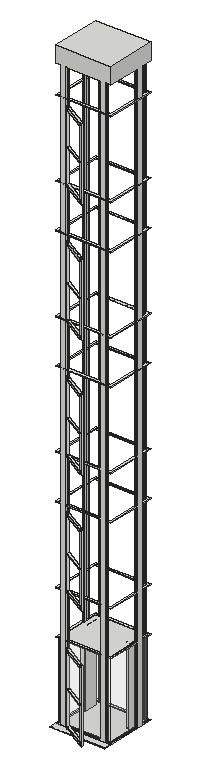
Revit family "NWL_Elevator_Artisan_Rectangular_60x54", category Specialty Equipment, Revit 2026
Family settings
  Round Connector Dimension = Use Diameter
  Part Type = Normal
  Work Plane-Based = No
  Enable Cutting in Views = No
  Always vertical = Yes
  Cut with Voids When Loaded = No
  Maintain Annotation Orientation = No
  Shared = No
  Room Calculation Point = No
Parameters
  Voltage = 230 V
  Unit Height [instance] = if(Number of Stops = 2, Level1_Height + Level2_floor_thickness + Level2_Height + Level3_floor_thickness, if(Number of Stops = 3, Level1_Height + Level2_floor_thickness + Level2_Height + Level3_floor_thickness + Level3_Height + Level4_floor_thickness, if(Number of Stops = 4, Level1_Height + Level2_floor_thickness + Level2_Height + Level3_floor_thickness + Level3_Height + Level4_floor_thickness + Level4_Height + Level5_floor_thickness, if(Number of Stops = 5, Level1_Height + Level2_floor_thickness + Level2_Height + Level3_floor_thickness + Level3_Height + Level4_floor_thickness + Level4_Height + Level5_floor_thickness + Level5_Height + Level6_floor_thickness, 0.000"))))  # 660.000"
  URL = "https://www.elevators.com/"
  Specification = "https://www.arcat.com/company/nationwide-lifts-49670/spec"
  SpecWizard = ""
  Sales Information = "info@elevators.com"
  Ring_Width = 54.000"
  Ring_Length = 60.000"
  Product Data = "https://www.arcat.com/company/nationwide-lifts-49670/catalog"
  Poles = 1
  Platform_Width = 46.856"
  Platform_Length = 52.856"
  Number of Stops [instance] = 5
  Model = "Artisan Rectangular 60 x 54"
  Manufacturer Website = "https://www.elevators.com/"
  Manufacturer Phone - Toll Free = "(888) 695-4387"
  Manufacturer Phone = ""
  Manufacturer Fax = "(877) 825-6001"
  Manufacturer Email = "info@elevators.com"
  Manufacturer Address = "10-B Holden Ave, Queensbury, NY 12804"
  Manufacturer = "Nationwide Lifts"
  Machine_Height = 18.000"
  Load = 30 VA
  Level6_floor_thickness [instance] = 18.000"
  Level5_floor_thickness [instance] = 18.000"
  Level5_Height [instance] = 114.000"
  Level4_Height [instance] = 114.000"
  Level4_floor_thickness [instance] = 18.000"
  Level3_Height [instance] = 114.000"
  Level3_floor_thickness [instance] = 18.000"
  Level2_Height [instance] = 114.000"
  Level2_floor_thickness [instance] = 18.000"
  Level1_Height [instance] = 114.000"
  Level 5 Door [instance] = Number of Stops > 4  # yes
  Level 4 Door [instance] = Number of Stops > 3  # yes
  Level 3 Door [instance] = Number of Stops > 2  # yes
  Installation-Fabrication = ""
  Hoistway_Width = 49.356"
  Hoistway_Length = 55.356"
  Green Building-LEED = "https://www.arcat.com/company/nationwide-lifts-49670/leed"
  Glass = Glass
  Frame = Steel
  Default Elevation = 0.000"
  Construction Details = "https://www.arcat.com/company/nationwide-lifts-49670/cad"
  Cab_Height = 84.000"
Reference planes (in)
  plane 1 "Center (Front/Back)": y = 0
  plane 2: z = 0
  plane 3 "Center (Left/Right)": x = 0
  plane 4: x = 30
  plane 5: x = -30
  plane 6: y = -27
  plane 7: y = 27
  plane 8: y = 24.678
  plane 9: y = -24.678
  plane 10: x = 27.678
  plane 11: x = -27.678
  plane 12: y = -23.428
  plane 13: y = 23.428
  plane 14: x = 26.428
  plane 15: x = -26.428
  plane 16: z = 84
  plane 17: z = 83.5
  plane 18: z = 264
  plane 19: z = 132
  plane 20: z = 216
  plane 21: z = 132.5
  plane 22: z = 395.5
  plane 23: z = 348
  plane 24: z = 347.5
  plane 25: z = 215.5
  plane 26: z = 264.5
  plane 27: z = 479.5
  plane 28: z = 479
  plane 29: z = 396
  plane 30: z = 611.5
  plane 31: z = 611
  plane 32: z = 528
  plane 33: z = 641.5
  plane 34: z = 114
  plane 35: z = 246
  plane 36: z = 378
  plane 37: z = 527.5
  plane 38: z = 509.5
  plane 39: z = 659.5
  plane 40: z = 660
  plane 41: z = 660
  plane 42: z = 642
Forms (in)
  Extrusion 1, solid, material "Steel" <- "Frame"
    sketch origin (0, 0, 0) x (1, 0, 0) y (0, 1, 0)
      loop
        line (-30, 27) -> (-30, -27) -> (30, -27) -> (30, 27) -> (-30, 27)
      loop
        line (-27.678, 24.678) -> (-27.678, -24.678) -> (27.678, -24.678) -> (27.678, 24.678) -> (-27.678, 24.678)
    from 0 to 0.5
  Extrusion 2, solid, material "Steel" <- "Frame"
    sketch origin (0, 0, 0) x (1, 0, 0) y (0, 1, 0)
      loop
        line (-30, 27) -> (-30, -27) -> (30, -27) -> (30, 27) -> (-30, 27)
      loop
        line (-27.678, 24.678) -> (-27.678, -24.678) -> (27.678, -24.678) -> (27.678, 24.678) -> (-27.678, 24.678)
    from 83.5 to 84
  Extrusion 3, solid, material "Steel" <- "Frame"
    sketch origin (0, 0, 0) x (1, 0, 0) y (0, 1, 0)
      loop
        line (-28.29469, 14.60346) -> (-30, 14.60346) -> (-30, 9.4) -> (-28.29469, 9.4) -> (-28.29469, 8.64994) -> (-28.04469, 8.64994) -> (-28.04469, 9.4) -> (-27.678, 9.4) -> (-27.678, 8.65832) -> (-27.54722, 8.65832) -> (-27.54722, 9.04721) -> (-27.425, 9.04721) -> (-27.425, 9.4) -> (-27.28056, 9.4) -> (-27.28056, 10.18889) -> (-27.86944, 10.18889) -> (-27.86944, 13.81111) -> (-27.28056, 13.81111) -> (-27.28056, 14.60346) -> (-27.425, 14.60346) -> (-27.425, 14.95624) -> (-27.54722, 14.95624) -> (-27.54722, 15.34513) -> (-27.678, 15.34513) -> (-27.678, 14.60346) -> (-28.04469, 14.60346) -> (-28.04469, 15.35351) -> (-28.29469, 15.35351) -> (-28.29469, 14.60346)
      loop
        line (28.29469, 14.60346) -> (28.29469, 15.35351) -> (28.04469, 15.35351) -> (28.04469, 14.60346) -> (27.678, 14.60346) -> (27.678, 15.34513) -> (27.54722, 15.34513) -> (27.54722, 14.95624) -> (27.425, 14.95624) -> (27.425, 14.60346) -> (27.28056, 14.60346) -> (27.28056, 13.81111) -> (27.86944, 13.81111) -> (27.86944, 10.18889) -> (27.28056, 10.18889) -> (27.28056, 9.4) -> (27.425, 9.4) -> (27.425, 9.04721) -> (27.54722, 9.04721) -> (27.54722, 8.65832) -> (27.678, 8.65832) -> (27.678, 9.4) -> (28.04469, 9.4) -> (28.04469, 8.64994) -> (28.29469, 8.64994) -> (28.29469, 9.4) -> (30, 9.4) -> (30, 14.60346) -> (28.29469, 14.60346)
      loop
        line (-18.93965, 25.29469) -> (-18.93965, 27) -> (-24.14311, 27) -> (-24.14311, 25.29469) -> (-24.89316, 25.29469) -> (-24.89316, 25.04469) -> (-24.14311, 25.04469) -> (-24.14311, 24.678) -> (-24.88478, 24.678) -> (-24.88478, 24.54722) -> (-24.4959, 24.54722) -> (-24.4959, 24.425) -> (-24.14311, 24.425) -> (-24.14311, 24.28056) -> (-23.35422, 24.28056) -> (-23.35422, 24.86944) -> (-19.732, 24.86944) -> (-19.732, 24.28056) -> (-18.93965, 24.28056) -> (-18.93965, 24.425) -> (-18.58686, 24.425) -> (-18.58686, 24.54722) -> (-18.19797, 24.54722) -> (-18.19797, 24.678) -> (-18.93965, 24.678) -> (-18.93965, 25.04469) -> (-18.1896, 25.04469) -> (-18.1896, 25.29469) -> (-18.93965, 25.29469)
      loop
        line (18.93965, 25.29469) -> (18.1896, 25.29469) -> (18.1896, 25.04469) -> (18.93965, 25.04469) -> (18.93965, 24.678) -> (18.19797, 24.678) -> (18.19797, 24.54722) -> (18.58686, 24.54722) -> (18.58686, 24.425) -> (18.93965, 24.425) -> (18.93965, 24.28056) -> (19.732, 24.28056) -> (19.732, 24.86944) -> (23.35422, 24.86944) -> (23.35422, 24.28056) -> (24.14311, 24.28056) -> (24.14311, 24.425) -> (24.4959, 24.425) -> (24.4959, 24.54722) -> (24.88478, 24.54722) -> (24.88478, 24.678) -> (24.14311, 24.678) -> (24.14311, 25.04469) -> (24.89316, 25.04469) -> (24.89316, 25.29469) -> (24.14311, 25.29469) -> (24.14311, 27) -> (18.93965, 27) -> (18.93965, 25.29469)
      loop
        line (-18.93965, -25.29469) -> (-18.1896, -25.29469) -> (-18.1896, -25.04469) -> (-18.93965, -25.04469) -> (-18.93965, -24.678) -> (-18.19797, -24.678) -> (-18.19797, -24.54722) -> (-18.58686, -24.54722) -> (-18.58686, -24.425) -> (-18.93965, -24.425) -> (-18.93965, -24.28056) -> (-19.732, -24.28056) -> (-19.732, -24.86944) -> (-23.35422, -24.86944) -> (-23.35422, -24.28056) -> (-24.14311, -24.28056) -> (-24.14311, -24.425) -> (-24.4959, -24.425) -> (-24.4959, -24.54722) -> (-24.88478, -24.54722) -> (-24.88478, -24.678) -> (-24.14311, -24.678) -> (-24.14311, -25.04469) -> (-24.89316, -25.04469) -> (-24.89316, -25.29469) -> (-24.14311, -25.29469) -> (-24.14311, -27) -> (-18.93965, -27) -> (-18.93965, -25.29469)
      loop
        line (18.93965, -25.29469) -> (18.93965, -27) -> (24.14311, -27) -> (24.14311, -25.29469) -> (24.89316, -25.29469) -> (24.89316, -25.04469) -> (24.14311, -25.04469) -> (24.14311, -24.678) -> (24.88478, -24.678) -> (24.88478, -24.54722) -> (24.4959, -24.54722) -> (24.4959, -24.425) -> (24.14311, -24.425) -> (24.14311, -24.28056) -> (23.35422, -24.28056) -> (23.35422, -24.86944) -> (19.732, -24.86944) -> (19.732, -24.28056) -> (18.93965, -24.28056) -> (18.93965, -24.425) -> (18.58686, -24.425) -> (18.58686, -24.54722) -> (18.19797, -24.54722) -> (18.19797, -24.678) -> (18.93965, -24.678) -> (18.93965, -25.04469) -> (18.1896, -25.04469) -> (18.1896, -25.29469) -> (18.93965, -25.29469)
    from 0.5 to 660
  Extrusion 4, solid, material "Glass" <- "Glass"
    sketch origin (0, 0, 0) x (1, 0, 0) y (0, 1, 0)
      loop
        line (-28.04469, 9.4) -> (-28.04469, -24.928) -> (-24.14311, -24.928) -> (-24.14311, -24.678) -> (-27.68056, -24.678) -> (-27.68056, 9.4) -> (-28.04469, 9.4)
      loop
        line (-28.04469, 14.60346) -> (-27.68056, 14.60346) -> (-27.68056, 24.678) -> (-24.14311, 24.678) -> (-24.14311, 24.928) -> (-28.04469, 24.928) -> (-28.04469, 14.60346)
      loop
        line (28.04469, 9.4) -> (27.68056, 9.4) -> (27.68056, -24.678) -> (24.14311, -24.678) -> (24.14311, -24.928) -> (28.04469, -24.928) -> (28.04469, 9.4)
      loop
        line (28.04469, 14.60346) -> (28.04469, 24.928) -> (24.14311, 24.928) -> (24.14311, 24.678) -> (27.68056, 24.678) -> (27.68056, 14.60346) -> (28.04469, 14.60346)
      loop
        line (-18.93965, 25.04469) -> (-18.93965, 24.678) -> (18.93965, 24.678) -> (18.93965, 25.04469) -> (-18.93965, 25.04469)
      loop
        line (18.93965, -25.04469) -> (18.93965, -24.678) -> (-18.93965, -24.678) -> (-18.93965, -25.04469) -> (18.93965, -25.04469)
    from 0 to 83.5
  Extrusion 5, solid, material "Steel" <- "Frame"
    sketch origin (0, 0, 0) x (1, 0, 0) y (0, 1, 0)
      loop
        line (-30, 27) -> (-30, -27) -> (30, -27) -> (30, 27) -> (-30, 27)
      loop
        line (-27.678, 24.678) -> (-27.678, -24.678) -> (27.678, -24.678) -> (27.678, 24.678) -> (-27.678, 24.678)
    from 132 to 132.5
  Extrusion 6, solid, material "Steel" <- "Frame"
    sketch origin (0, 0, 0) x (1, 0, 0) y (0, 1, 0)
      loop
        line (-30, 27) -> (-30, -27) -> (30, -27) -> (30, 27) -> (-30, 27)
      loop
        line (-27.678, 24.678) -> (-27.678, -24.678) -> (27.678, -24.678) -> (27.678, 24.678) -> (-27.678, 24.678)
    from 215.5 to 216
  Extrusion 7, solid, material "Steel" <- "Frame"
    sketch origin (0, 0, 0) x (1, 0, 0) y (0, 1, 0)
      loop
        line (-30, 27) -> (-30, -27) -> (30, -27) -> (30, 27) -> (-30, 27)
      loop
        line (-27.678, 24.678) -> (-27.678, -24.678) -> (27.678, -24.678) -> (27.678, 24.678) -> (-27.678, 24.678)
    from 264 to 264.5
  Extrusion 8, solid, material "Steel" <- "Frame"
    sketch origin (0, 0, 0) x (1, 0, 0) y (0, 1, 0)
      loop
        line (-30, 27) -> (-30, -27) -> (30, -27) -> (30, 27) -> (-30, 27)
    from 642 to 660
  Extrusion 9, solid, material "Steel"
    sketch origin (0, 0, 0) x (1, 0, 0) y (0, 1, 0)
      loop
        line (-30, -35.06667) -> (30, -35.06667) -> (30, -27) -> (-30, -27) -> (-30, -35.06667)
    from 0 to 0.125
  Extrusion 10, solid, material "Steel" <- "Frame", visible <- "Level 5 Door"
    sketch origin (0, 0, 0) x (1, 0, 0) y (0, 1, 0)
      loop
        line (-30, 27) -> (-30, -27) -> (30, -27) -> (30, 27) -> (-30, 27)
      loop
        line (-27.678, 24.678) -> (-27.678, -24.678) -> (27.678, -24.678) -> (27.678, 24.678) -> (-27.678, 24.678)
    from 527.5 to 528
  Extrusion 11, solid, material "Steel" <- "Frame", visible <- "Level 4 Door"
    sketch origin (0, 0, 0) x (1, 0, 0) y (0, 1, 0)
      loop
        line (-30, 27) -> (-30, -27) -> (30, -27) -> (30, 27) -> (-30, 27)
      loop
        line (-27.678, 24.678) -> (-27.678, -24.678) -> (27.678, -24.678) -> (27.678, 24.678) -> (-27.678, 24.678)
    from 479 to 479.5
  Extrusion 12, solid, material "Steel" <- "Frame", visible <- "Level 4 Door"
    sketch origin (0, 0, 0) x (1, 0, 0) y (0, 1, 0)
      loop
        line (-30, 27) -> (-30, -27) -> (30, -27) -> (30, 27) -> (-30, 27)
      loop
        line (-27.678, 24.678) -> (-27.678, -24.678) -> (27.678, -24.678) -> (27.678, 24.678) -> (-27.678, 24.678)
    from 395.5 to 396
  Extrusion 13, solid, material "Steel" <- "Frame", visible <- "Level 3 Door"
    sketch origin (0, 0, 0) x (1, 0, 0) y (0, 1, 0)
      loop
        line (-30, 27) -> (-30, -27) -> (30, -27) -> (30, 27) -> (-30, 27)
      loop
        line (-27.678, 24.678) -> (-27.678, -24.678) -> (27.678, -24.678) -> (27.678, 24.678) -> (-27.678, 24.678)
    from 347.5 to 348
  Extrusion 14, solid, material "Steel" <- "Frame", visible <- "Level 5 Door"
    sketch origin (0, 0, 0) x (1, 0, 0) y (0, 1, 0)
      loop
        line (-30, 27) -> (-30, -27) -> (30, -27) -> (30, 27) -> (-30, 27)
      loop
        line (-27.678, 24.678) -> (-27.678, -24.678) -> (27.678, -24.678) -> (27.678, 24.678) -> (-27.678, 24.678)
    from 611 to 611.5
  Extrusion 15, solid, material "Steel"
    sketch origin (-108.60857, 11.63437, 0) x (1, 0, 0) y (0, 1, 0)
      loop
        line (82.4378, -9.85493) -> (84.66266, -7.63006) -> (86.1878, -7.63006) -> (86.1878, 6.36994) -> (84.66268, 6.36994) -> (82.4378, 8.59481) -> (82.4378, -9.85493)
      loop
        line (134.77935, -9.85493) -> (134.77935, 8.59481) -> (132.55446, 6.36994) -> (131.02935, 6.36994) -> (131.02935, -7.63006) -> (132.55448, -7.63006) -> (134.77935, -9.85493)
    from 0 to 84
  Extrusion 16, solid, material "Steel"
    sketch origin (0, 0, 0) x (1, 0, 0) y (0, 1, 0)
      loop
        line (-27.68056, 24.678) -> (-27.68056, -24.678) -> (27.68056, -24.678) -> (27.68056, 24.678) -> (-27.68056, 24.678)
    from 0 to 0.5
  Extrusion 17, solid, material "Steel"
    sketch origin (0, 0, 0) x (1, 0, 0) y (0, 1, 0)
      loop
        line (-27.68056, 24.678) -> (-27.68056, -24.678) -> (27.68056, -24.678) -> (27.68056, 24.678) -> (-27.68056, 24.678)
    from 83.5 to 84
Cuts and joins
  joined: Extrusion 1, Extrusion 2, Extrusion 3, Extrusion 5, Extrusion 6, Extrusion 7, Extrusion 8
  joined: Extrusion 15, Extrusion 16, Extrusion 17
Dimensions and locks (in)
  equal spacing: plane 6, plane 1 "Center (Front/Back)", plane 7
  "Ring_Width": plane 6 to plane 7
  equal spacing: plane 5, plane 3 "Center (Left/Right)", plane 4
  "Ring_Length": plane 5 to plane 4
  equal spacing: plane 11, plane 3 "Center (Left/Right)", plane 10
  "Hoistway_Length": plane 11 to plane 10
  equal spacing: plane 9, plane 1 "Center (Front/Back)", plane 8
  "Hoistway_Width": plane 9 to plane 8
  equal spacing: plane 15, plane 3 "Center (Left/Right)", plane 14
  "Platform_Length": plane 15 to plane 14
  equal spacing: plane 12, plane 1 "Center (Front/Back)", plane 13
  "Platform_Width": plane 12 to plane 13
  "Cab_Height": plane 16 to level
  locked: plane 16 to plane 17 at 0.5
  "Cab_Height": plane 20 to plane 19
  "Cab_Height": plane 23 to plane 18
  locked: plane 21 to plane 19 at 0.5
  locked: plane 26 to plane 18 at 0.5
  locked: plane 20 to plane 25 at 0.5
  locked: plane 23 to plane 24 at 0.5
  locked: plane 30 to plane 31 at 0.5
  "Level1_Height": plane 34 to level
  "Level2_floor_thickness": plane 19 to plane 34
  "Level3_floor_thickness": plane 18 to plane 35
  "Level2_Height": plane 35 to plane 19
  locked: plane 29 to plane 22 at 0.5
  "Level4_floor_thickness": plane 29 to plane 36
  "Level3_Height": plane 36 to plane 18
  locked: plane 32 to plane 37 at 0.5
  "Level5_floor_thickness": plane 37 to plane 38
  "Level4_Height": plane 38 to plane 22
  "Level6_floor_thickness": plane 39 to plane 33
  "Level5_Height": plane 33 to plane 37
  "Unit Height": plane 40 to level
  "Cab_Height": plane 27 to plane 22
  locked: plane 27 to plane 28 at 0.5
  "Cab_Height": plane 30 to plane 37
  locked: plane 41 to plane 42 at 18
  aligned and locked: level to plane 2
  aligned and locked: plane 7 to Extrusion 1 sketch curve
  aligned and locked: plane 5 to Extrusion 1 sketch curve
  aligned and locked: Extrusion 1 sketch curve to plane 6
  aligned and locked: Extrusion 1 sketch curve to plane 4
  aligned and locked: plane 8 to Extrusion 1 sketch curve
  aligned and locked: plane 11 to Extrusion 1 sketch curve
  aligned and locked: Extrusion 1 sketch curve to plane 9
  aligned and locked: Extrusion 1 sketch curve to plane 10
  aligned and locked: Extrusion 5 to plane 19
  aligned and locked: plane 21 to Extrusion 5
  aligned and locked: Extrusion 6 to plane 25
  aligned and locked: plane 20 to Extrusion 6
  aligned and locked: Extrusion 7 to plane 18
  aligned and locked: plane 26 to Extrusion 7
  aligned and locked: Extrusion 13 to plane 24
  aligned and locked: plane 23 to Extrusion 13
  aligned and locked: plane 29 to Extrusion 12
  aligned and locked: Extrusion 12 to plane 22
  aligned and locked: plane 30 to Extrusion 14
  aligned and locked: Extrusion 14 to plane 31
  aligned and locked: plane 32 to Extrusion 10
  aligned and locked: Extrusion 10 to plane 37
  aligned and locked: plane 40 to cut or joined group of Extrusion 1, Extrusion 2, Extrusion 3, Extrusion 5, Extrusion 6, Extrusion 7, Extrusion 8
  aligned and locked: Extrusion 11 to plane 28
  aligned and locked: plane 27 to Extrusion 11
  aligned and locked: nested 4 to plane 22
  aligned and locked: nested 5 to plane 37
  aligned and locked: nested 3 to plane 18
  aligned and locked: nested 2 to plane 19
  aligned and locked: plane 42 to cut or joined group of Extrusion 1, Extrusion 2, Extrusion 3, Extrusion 5, Extrusion 6, Extrusion 7, Extrusion 8
  aligned and locked: plane 41 to cut or joined group of Extrusion 1, Extrusion 2, Extrusion 3, Extrusion 5, Extrusion 6, Extrusion 7, Extrusion 8
  aligned and locked: plane 41 to plane 40
  aligned and locked: plane 16 to Extrusion 17
  aligned and locked: Extrusion 17 to plane 17
  aligned and locked: plane 16 to cut or joined group of Extrusion 1, Extrusion 2, Extrusion 3, Extrusion 5, Extrusion 6, Extrusion 7, Extrusion 8
  aligned and locked: cut or joined group of Extrusion 1, Extrusion 2, Extrusion 3, Extrusion 5, Extrusion 6, Extrusion 7, Extrusion 8 to plane 17
  aligned and locked: plane 17 to Extrusion 4
Automatic sketch dimensions
  Extrusion 2 sketch curve to plane 5 = 0.000"
  plane 8 to Extrusion 2 sketch curve = 0.000"
  Extrusion 2 sketch curve to plane 11 = 0.000"
  Extrusion 2 sketch curve to plane 10 = 0.000"
  Extrusion 2 sketch curve to plane 4 = 0.000"
  plane 6 to Extrusion 2 sketch curve = 0.000"
  plane 9 to Extrusion 2 sketch curve = 0.000"
  plane 7 to Extrusion 2 sketch curve = 0.000"
  Extrusion 5 sketch curve to plane 5 = 0.000"
  plane 8 to Extrusion 5 sketch curve = 0.000"
  Extrusion 5 sketch curve to plane 11 = 0.000"
  Extrusion 5 sketch curve to plane 10 = 0.000"
  Extrusion 5 sketch curve to plane 4 = 0.000"
  plane 6 to Extrusion 5 sketch curve = 0.000"
  plane 9 to Extrusion 5 sketch curve = 0.000"
  plane 7 to Extrusion 5 sketch curve = 0.000"
  Extrusion 6 sketch curve to plane 5 = 0.000"
  plane 8 to Extrusion 6 sketch curve = 0.000"
  Extrusion 6 sketch curve to plane 11 = 0.000"
  Extrusion 6 sketch curve to plane 10 = 0.000"
  Extrusion 6 sketch curve to plane 4 = 0.000"
  plane 6 to Extrusion 6 sketch curve = 0.000"
  plane 9 to Extrusion 6 sketch curve = 0.000"
  plane 7 to Extrusion 6 sketch curve = 0.000"
  Extrusion 7 sketch curve to plane 5 = 0.000"
  plane 8 to Extrusion 7 sketch curve = 0.000"
  Extrusion 7 sketch curve to plane 11 = 0.000"
  Extrusion 7 sketch curve to plane 10 = 0.000"
  Extrusion 7 sketch curve to plane 4 = 0.000"
  plane 6 to Extrusion 7 sketch curve = 0.000"
  plane 9 to Extrusion 7 sketch curve = 0.000"
  plane 7 to Extrusion 7 sketch curve = 0.000"
  Extrusion 8 sketch curve to plane 5 = 0.000"
  Extrusion 8 sketch curve to plane 4 = 0.000"
  plane 6 to Extrusion 8 sketch curve = 0.000"
  plane 7 to Extrusion 8 sketch curve = 0.000"
  Extrusion 9 sketch curve to plane 5 = 0.000"
  Extrusion 9 sketch curve to plane 4 = 0.000"
  plane 6 to Extrusion 9 sketch curve = 0.000"
  plane 6 to Extrusion 9 sketch curve = 8.06667"
  Extrusion 10 sketch curve to plane 5 = 0.000"
  plane 8 to Extrusion 10 sketch curve = 0.000"
  Extrusion 10 sketch curve to plane 11 = 0.000"
  Extrusion 10 sketch curve to plane 10 = 0.000"
  Extrusion 10 sketch curve to plane 4 = 0.000"
  plane 6 to Extrusion 10 sketch curve = 0.000"
  plane 9 to Extrusion 10 sketch curve = 0.000"
  plane 7 to Extrusion 10 sketch curve = 0.000"
  Extrusion 11 sketch curve to plane 5 = 0.000"
  plane 8 to Extrusion 11 sketch curve = 0.000"
  Extrusion 11 sketch curve to plane 11 = 0.000"
  Extrusion 11 sketch curve to plane 10 = 0.000"
  Extrusion 11 sketch curve to plane 4 = 0.000"
  plane 6 to Extrusion 11 sketch curve = 0.000"
  plane 9 to Extrusion 11 sketch curve = 0.000"
  plane 7 to Extrusion 11 sketch curve = 0.000"
  Extrusion 12 sketch curve to plane 5 = 0.000"
  plane 8 to Extrusion 12 sketch curve = 0.000"
  Extrusion 12 sketch curve to plane 11 = 0.000"
  Extrusion 12 sketch curve to plane 10 = 0.000"
  Extrusion 12 sketch curve to plane 4 = 0.000"
  plane 6 to Extrusion 12 sketch curve = 0.000"
  plane 9 to Extrusion 12 sketch curve = 0.000"
  plane 7 to Extrusion 12 sketch curve = 0.000"
  Extrusion 13 sketch curve to plane 5 = 0.000"
  plane 8 to Extrusion 13 sketch curve = 0.000"
  Extrusion 13 sketch curve to plane 11 = 0.000"
  Extrusion 13 sketch curve to plane 10 = 0.000"
  Extrusion 13 sketch curve to plane 4 = 0.000"
  plane 6 to Extrusion 13 sketch curve = 0.000"
  plane 9 to Extrusion 13 sketch curve = 0.000"
  plane 7 to Extrusion 13 sketch curve = 0.000"
  Extrusion 14 sketch curve to plane 5 = 0.000"
  plane 8 to Extrusion 14 sketch curve = 0.000"
  Extrusion 14 sketch curve to plane 11 = 0.000"
  Extrusion 14 sketch curve to plane 10 = 0.000"
  Extrusion 14 sketch curve to plane 4 = 0.000"
  plane 6 to Extrusion 14 sketch curve = 0.000"
  plane 9 to Extrusion 14 sketch curve = 0.000"
  plane 7 to Extrusion 14 sketch curve = 0.000"
  Extrusion 3 sketch curve to plane 5 = 0.000"
  Extrusion 3 sketch curve to plane 11 = 0.000"  (x2)
  plane 9 to Extrusion 3 sketch curve = 0.000"  (x4)
  plane 8 to Extrusion 3 sketch curve = 0.000"  (x4)
  plane 7 to Extrusion 3 sketch curve = 0.000"  (x2)
  plane 6 to Extrusion 3 sketch curve = 0.000"  (x2)
  Extrusion 3 sketch curve to plane 10 = 0.000"  (x2)
  Extrusion 3 sketch curve to plane 4 = 0.000"
  Extrusion 3 sketch curve to plane 11 = 0.61669"  (x2)
  Extrusion 3 sketch curve to Extrusion 3 sketch curve = 0.250"  (x12)
  Extrusion 3 sketch curve to plane 11 = 0.19144"
  plane 11 to Extrusion 3 sketch curve = 0.13078"  (x2)
  Extrusion 3 sketch curve to Extrusion 3 sketch curve = 0.12222"  (x5)
  plane 11 to Extrusion 3 sketch curve = 0.253"
  Extrusion 3 sketch curve to Extrusion 3 sketch curve = 0.14444"  (x7)
  Extrusion 3 sketch curve to plane 8 = 0.36669"  (x3)
  plane 15 to Extrusion 3 sketch curve = 1.53484"  (x2)
  plane 9 to Extrusion 3 sketch curve = 0.61669"  (x2)
  plane 8 to Extrusion 3 sketch curve = 0.13078"  (x4)
  Extrusion 3 sketch curve to Extrusion 3 sketch curve = 0.00838"  (x12)
  Extrusion 3 sketch curve to plane 9 = 0.13078"  (x4)
  Extrusion 3 sketch curve to Extrusion 3 sketch curve = 0.38889"  (x12)
  Extrusion 3 sketch curve to Extrusion 3 sketch curve = 0.35279"  (x13)
  Extrusion 3 sketch curve to Extrusion 3 sketch curve = 0.000"  (x17)
  Extrusion 3 sketch curve to Extrusion 3 sketch curve = 0.78889"  (x6)
  Extrusion 3 sketch curve to plane 8 = 0.19144"  (x2)
  Extrusion 3 sketch curve to plane 9 = 0.39744"  (x3)
  Extrusion 3 sketch curve to Extrusion 3 sketch curve = 3.62222"  (x4)
  Extrusion 3 sketch curve to Extrusion 3 sketch curve = 0.79234"  (x8)
  plane 9 to Extrusion 3 sketch curve = 0.36669"  (x2)
  Extrusion 3 sketch curve to plane 8 = 0.61669"
  Extrusion 3 sketch curve to plane 14 = 8.2384"  (x2)
  Extrusion 3 sketch curve to Extrusion 3 sketch curve = 0.75006"  (x4)
  Extrusion 3 sketch curve to plane 14 = 3.07378"  (x2)
  Extrusion 3 sketch curve to plane 9 = 0.253"
  Extrusion 3 sketch curve to Extrusion 3 sketch curve = 0.39744"  (x2)
  Extrusion 3 sketch curve to plane 10 = 0.253"
  Extrusion 3 sketch curve to Extrusion 3 sketch curve = 0.13078"  (x2)
  plane 10 to Extrusion 3 sketch curve = 0.19144"
  plane 10 to Extrusion 3 sketch curve = 0.36669"  (x2)
  plane 9 to Extrusion 3 sketch curve = 0.19144"  (x2)
  Extrusion 3 sketch curve to plane 1 "Center (Front/Back)" = 8.64994"  (x2)
  plane 8 to Extrusion 3 sketch curve = 0.39744"  (x4)
  plane 8 to Extrusion 4 sketch curve = 0.000"  (x3)
  plane 9 to Extrusion 4 sketch curve = 0.000"  (x3)
  Extrusion 4 sketch curve to plane 11 = 0.36669"  (x2)
  Extrusion 4 sketch curve to plane 11 = 0.00256"  (x2)
  Extrusion 4 sketch curve to plane 8 = 0.250"  (x2)
  plane 15 to Extrusion 4 sketch curve = 2.28489"  (x2)
  plane 9 to Extrusion 4 sketch curve = 0.36669"
  Extrusion 4 sketch curve to Extrusion 4 sketch curve = 5.20346"  (x4)
  Extrusion 4 sketch curve to plane 14 = 7.48835"  (x2)
  Extrusion 4 sketch curve to plane 14 = 2.28489"  (x2)
  plane 10 to Extrusion 4 sketch curve = 0.00256"  (x2)
  plane 10 to Extrusion 4 sketch curve = 0.36669"
  Extrusion 4 sketch curve to Extrusion 4 sketch curve = 0.36413"
  plane 9 to Extrusion 4 sketch curve = 0.250"  (x2)
  Extrusion 4 sketch curve to plane 1 "Center (Front/Back)" = 9.400"  (x2)
  Extrusion 4 sketch curve to plane 8 = 0.36669"
  Extrusion 15 sketch curve to plane 1 "Center (Front/Back)" = 1.77944"  (x2)
  Extrusion 15 sketch curve to plane 4 = 56.17078"
  Extrusion 15 sketch curve to Extrusion 15 sketch curve = 2.22487"  (x4)
  Extrusion 15 sketch curve to plane 1 "Center (Front/Back)" = 18.00431"  (x2)
  Extrusion 15 sketch curve to Extrusion 15 sketch curve = 2.22489"
  Extrusion 15 sketch curve to Extrusion 15 sketch curve = 1.52513"  (x2)
  Extrusion 15 sketch curve to plane 1 "Center (Front/Back)" = 4.00431"
  Extrusion 15 sketch curve to Extrusion 15 sketch curve = 44.84156"
  Extrusion 15 sketch curve to Extrusion 15 sketch curve = 1.52511"
  Extrusion 15 sketch curve to plane 1 "Center (Front/Back)" = 20.22918"
  plane 9 to Extrusion 16 sketch curve = 0.000"
  plane 8 to Extrusion 16 sketch curve = 0.000"
  Extrusion 16 sketch curve to plane 11 = 0.00256"
  plane 10 to Extrusion 16 sketch curve = 0.00256"
  plane 9 to Extrusion 17 sketch curve = 0.000"
  plane 8 to Extrusion 17 sketch curve = 0.000"
  Extrusion 17 sketch curve to plane 11 = 0.00256"
  plane 10 to Extrusion 17 sketch curve = 0.00256"
Nested families (in)
  nested 1: "NWL_Door" at (-3.22542, -36.07216, 0) x (0.866, -0.5, 0) z (0, 0, 1), type "NWL_Door"
  nested 2: "NWL_Door" at (-3.22542, -36.07216, 132) x (0.866, -0.5, 0) z (0, 0, 1), type "NWL_Door"
  nested 3: "NWL_Door" at (-3.22542, -36.07216, 264) x (0.866, -0.5, 0) z (0, 0, 1), visible <- "Level 3 Door", type "NWL_Door"
  nested 4: "NWL_Door" at (-3.22542, -36.07216, 395.5) x (0.866, -0.5, 0) z (0, 0, 1), visible <- "Level 4 Door", type "NWL_Door"
  nested 5: "NWL_Door" at (-3.22542, -36.07216, 527.5) x (0.866, -0.5, 0) z (0, 0, 1), visible <- "Level 5 Door", type "NWL_Door"
Connectors (in)
  electrical at (0, 0, 660), driven by "Voltage", driven by "Load", driven by "Poles"
    settings: on cut or joined group of Extrusion 1, Extrusion 2, Extrusion 3, Extrusion 5, Extrusion 6, Extrusion 7, Extrusion 8, index 1, voltage 230 V, apparent load 0 VA, apparent load phase1 30 VA, apparent load phase2 0 VA, apparent load phase3 0 VA, power factor 1, load classification "Other", number of poles 1, system type 31, power factor state 1, is connector primary yes, connector utility no, sub classification motor no, connector description ""
Definition of nested family "NWL_Door"
  Parameters (values of type "NWL_Door")
    Width = 36.290"
    Door Height = 78.000"
    Default Elevation = 0.000"
  Reference planes (in)
    plane 1 "Center (Front/Back)": y = 0
    plane 2: z = 0
    plane 3 "Center (Left/Right)": x = 0
    plane 4: y = 1.5
    plane 5: x = 18.145
    plane 6: x = -18.145
    plane 7: x = -15.145
    plane 8: x = 15.145
    plane 9: z = 78
    plane 10: z = 75
    plane 11: z = 39
    plane 12: z = 39.5
    plane 13: z = 38.5
  Forms (in)
    Extrusion 1, solid
      sketch origin (0, 0, 0) x (1, 0, 0) y (0, 1, 0)
        loop
          line (-18.145, 1.5) -> (-18.145, 0) -> (-15.145, 0) -> (-15.145, 1.5) -> (-18.145, 1.5)
        loop
          line (15.145, 1.5) -> (15.145, 0) -> (18.145, 0) -> (18.145, 1.5) -> (15.145, 1.5)
      from 0 to 78
    Extrusion 2, solid
      sketch origin (0, 0, 0) x (1, 0, 0) y (0, 1, 0)
        loop
          line (-15.145, 1.5) -> (-15.145, 0) -> (15.145, 0) -> (15.145, 1.5) -> (-15.145, 1.5)
      from 0 to 3
    Extrusion 3, solid
      sketch origin (0, 0, 0) x (1, 0, 0) y (0, 1, 0)
        loop
          line (-15.145, 1.5) -> (-15.145, 0) -> (15.145, 0) -> (15.145, 1.5) -> (-15.145, 1.5)
      from 75 to 78
    Extrusion 4, solid
      sketch origin (0, 0, 0) x (1, 0, 0) y (0, 1, 0)
        loop
          line (-15.145, 1.5) -> (-15.145, 0) -> (15.145, 0) -> (15.145, 1.5) -> (-15.145, 1.5)
      from 38.5 to 39.5
  Dimensions and locks (in)
    "Door Height": plane 9 to level
    locked: plane 9 to plane 10 at 3
    locked: plane 7 to plane 6 at 3
    locked: plane 5 to plane 8 at 3
    equal spacing: plane 5, plane 3 "Center (Left/Right)", plane 6
    "Width": plane 5 to plane 6
    equal spacing: plane 9, plane 11, level
    equal spacing: plane 12, plane 11, plane 13
    locked: plane 12 to plane 13 at 1
    aligned and locked: plane 2 to level
    aligned and locked: Extrusion 1 to level
    aligned and locked: plane 9 to Extrusion 1
    aligned and locked: Extrusion 3 to plane 10
    aligned and locked: plane 9 to Extrusion 3
    aligned and locked: plane 12 to Extrusion 4
    aligned and locked: Extrusion 4 to plane 13
  Automatic sketch dimensions
    plane 1 "Center (Front/Back)" to Extrusion 1 sketch curve = 0.000"  (x2)
    Extrusion 1 sketch curve to plane 6 = 0.000"
    Extrusion 1 sketch curve to plane 7 = 0.000"
    plane 4 to Extrusion 1 sketch curve = 0.000"  (x2)
    Extrusion 1 sketch curve to plane 8 = 0.000"
    Extrusion 1 sketch curve to plane 5 = 0.000"
    plane 1 "Center (Front/Back)" to Extrusion 2 sketch curve = 0.000"
    Extrusion 2 sketch curve to plane 7 = 0.000"
    Extrusion 2 sketch curve to plane 8 = 0.000"
    plane 4 to Extrusion 2 sketch curve = 0.000"
    plane 1 "Center (Front/Back)" to Extrusion 3 sketch curve = 0.000"
    Extrusion 3 sketch curve to plane 7 = 0.000"
    Extrusion 3 sketch curve to plane 8 = 0.000"
    plane 4 to Extrusion 3 sketch curve = 0.000"
    plane 1 "Center (Front/Back)" to Extrusion 4 sketch curve = 0.000"
    Extrusion 4 sketch curve to plane 7 = 0.000"
    Extrusion 4 sketch curve to plane 8 = 0.000"
    plane 4 to Extrusion 4 sketch curve = 0.000"
